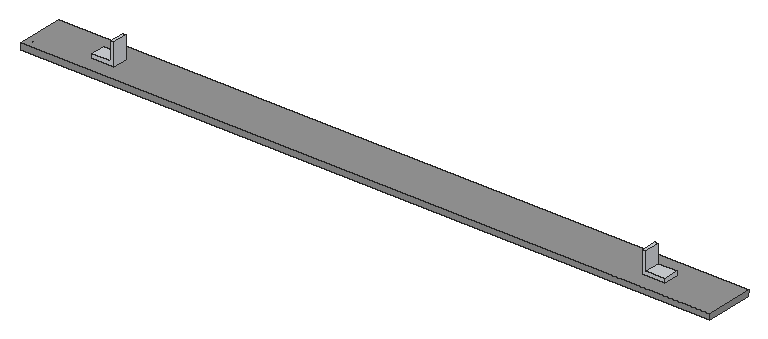
Revit family "Slots AnCar 3", category Lighting Fixtures, Revit 2017
Family settings
  Round Connector Dimension = Use Diameter
  Part Type = Normal
  OmniClass Number = 23.80.70.00
  OmniClass Title = Lighting
  Work Plane-Based = No
  Always vertical = Yes
  Cut with Voids When Loaded = No
  Light Source = Yes
  Shared = No
  Room Calculation Point = No
Parameters (values of type "4ft nominal 3in")
  width = 0' - 3 1/4"
  Wattage = 12.1178 W
  built-in parameter 1150110 = 1 (stored number, unit not read)
  built-in parameter 1114217 = 1 (stored number, unit not read)
  built-in parameter 1150109 = 1 (stored number, unit not read)
  built-in parameter 1150134 = (empty or 0)
  built-in parameter 1150113 = 1 (stored number, unit not read)
  Lumens = 1800 lm
  built-in parameter 1150115 = 1 (stored number, unit not read)
  built-in parameter 1150105 = 572.96 (stored number, unit not read)
  Light Source Symbol Size = width  # 0' - 3 1/4"
  built-in parameter 1150137 = (empty or 0)
  built-in parameter 1150139 = (empty or 0)
  Length = 3' - 11"
  built-in parameter 1150112 = 1 (stored number, unit not read)
  built-in parameter 1150114 = 1 (stored number, unit not read)
  built-in parameter 1150132 = 2
  built-in parameter 1150102 = (empty or 0)
  built-in parameter 1150138 = (empty or 0)
  built-in parameter 1150107 = 3000 (stored number, unit not read)
  built-in parameter 1150106 = 5.7296 (stored number, unit not read)
  Emit from Line Length = Length  # 3' - 11"
  built-in parameter 1150104 = 13.8 (stored number, unit not read)
  Dimming Lamp Color Temperature Shift = <None>
  Color Filter = 16777215
  built-in parameter 1114218 = 1 (stored number, unit not read)
  built-in parameter 1150133 = 10 (stored number, unit not read)
Types (8): name | Length | Emit from Line Length
  (no name) | 3' - 11" | 3' - 11"
  2ft nominal 3in | 1' - 11" | 1' - 11"
  8ft nominal 3in | 7' - 11" | 7' - 11"
  7ft nominal 3in | 6' - 11" | 6' - 11"
  6ft nominal 3in | 5' - 11" | 5' - 11"
  5ft nominal 3in | 4' - 11" | 4' - 11"
  4ft nominal 3in | 3' - 11" | 3' - 11"
  3ft nominal 3in | 2' - 11" | 2' - 11"
Reference planes (in)
  plane 1 "Light Source Axis (F/B)": y = 0
  plane 2: z = 0
  plane 3 "Light Source Axis (L/R)": x = 0
  plane 4 "Light Source Elevation": z = 120
Forms (in)
  Extrusion 1, solid, material "Aluminum"
    sketch origin (0, 0, 0) x (0, 1, 0) y (0, 0, 1)
      loop
        line (-1.625, 120) -> (1.625, 120) -> (1.625, 120.375) -> (-1.625, 120.375) -> (-1.625, 120)
    from -23.5 to 23.5
  Extrusion 2, void
    sketch origin (0, 0, 0) x (0, 1, 0) y (0, 0, 1)
      loop
        line (-1.25, 120) -> (1.25, 120) -> (1.25, 120.3125) -> (-1.25, 120.3125) -> (-1.25, 120)
    from -23.12926 to 23.12926
  Extrusion 3, solid, material "Acrylic"
    sketch origin (0, 0, 0) x (0, 1, 0) y (0, 0, 1)
      loop
        line (-1.25, 120.25) -> (-1.25, 120) -> (1.25, 120) -> (1.25, 120.25) -> (-1.25, 120.25)
    from -23.12926 to 23.12926
  Extrusion 4, solid
    sketch origin (0, 0, 0) x (1, 0, 0) y (0, 0, 1)
      loop
        line (-19.5, 120.375) -> (-18, 120.375) -> (-18, 121.875) -> (-19.5, 121.875) -> (-19.5, 120.375)
    from -0.5 to 0.5
  Extrusion 5, solid
    sketch origin (0, 0, 0) x (-1, 0, 0) y (0, 0, -1)
      loop
        line (-19.5, -120.375) -> (-19.5, -121.875) -> (-18, -121.875) -> (-18, -120.375) -> (-19.5, -120.375)
    from -0.5 to 0.5
  Extrusion 6, void
    sketch origin (0, 0, 0) x (1, 0, 0) y (0, 0, 1)
      loop
        line (-19.5, 121.875) -> (-19.5, 120.625) -> (-18.25, 120.625) -> (-18.25, 121.875) -> (-19.5, 121.875)
      loop
        line (19.5, 121.875) -> (18.25, 121.875) -> (18.25, 120.625) -> (19.5, 120.625) -> (19.5, 121.875)
    from -0.5 to 0.5
Cuts and joins
  Extrusion 2 cuts Extrusion 1
  Extrusion 6 cuts Extrusion 4
  Extrusion 6 cuts Extrusion 5
Dimensions and locks (in)
  locked: Extrusion 1 sketch curve to plane 4 "Light Source Elevation" at 0.375
  "width": Extrusion 1 sketch curve to Extrusion 1 sketch curve
  equal spacing: Extrusion 1 sketch curve, plane 1 "Light Source Axis (F/B)", Extrusion 1 sketch curve
  equal spacing: Extrusion 1, plane 3 "Light Source Axis (L/R)", Extrusion 1
  "Length": Extrusion 1 to Extrusion 1
  equal spacing: Extrusion 2 sketch curve, imposter light, Extrusion 2 sketch curve
  locked: Extrusion 1 to Extrusion 2 sketch curve at 0.375
  locked: Extrusion 2 sketch curve to Extrusion 2 sketch curve at 0.3125
  locked: cut or joined group of Extrusion 1, Extrusion 2 to cut or joined group of Extrusion 1, Extrusion 2 at 0.37074
  equal spacing: cut or joined group of Extrusion 1, Extrusion 2, plane 3 "Light Source Axis (L/R)", cut or joined group of Extrusion 1, Extrusion 2
  locked: Extrusion 3 sketch curve to imposter light at 0.25
  plane 4 "Light Source Elevation" to Extrusion 3 = 0' - 0 1/4"
  locked: Extrusion 4 sketch curve to Extrusion 4 sketch curve at 1.5  (x2)
  locked: cut or joined group of Extrusion 1, Extrusion 2 to Extrusion 4 sketch curve at 5.5
  plane 4 "Light Source Elevation" to Extrusion 4 = 0' - 1 7/8"
  equal spacing: Extrusion 4, plane 1 "Light Source Axis (F/B)", Extrusion 4
  locked: Extrusion 5 sketch curve to Extrusion 5 sketch curve at 1.5  (x2)
  Extrusion 5 to Extrusion 5 = 0' - 1"
  locked: cut or joined group of Extrusion 1, Extrusion 2 to Extrusion 5 at 5.5
  locked: plane 4 "Light Source Elevation" to Extrusion 5 at 1.875
  locked: Extrusion 6 sketch curve to Extrusion 4 at 0.25
  locked: Extrusion 6 sketch curve to cut or joined group of Extrusion 1, Extrusion 2 at 0.25  (x2)
  locked: Extrusion 5 to Extrusion 6 sketch curve at 0.25
  Extrusion 6 to plane 4 "Light Source Elevation" = 0' - 1 7/8"
  aligned and locked: plane 3 "Light Source Axis (L/R)" to imposter light
  aligned and locked: plane 1 "Light Source Axis (F/B)" to imposter light
  aligned and locked: plane 4 "Light Source Elevation" to imposter light
  aligned and locked: level to plane 2
  aligned and locked: plane 4 "Light Source Elevation" to Extrusion 1 sketch curve
  aligned and locked: plane 4 "Light Source Elevation" to Extrusion 2 sketch curve
  aligned and locked: Extrusion 3 sketch curve to cut or joined group of Extrusion 1, Extrusion 2  (x2)
  aligned and locked: cut or joined group of Extrusion 1, Extrusion 2 to Extrusion 3
  aligned and locked: Extrusion 3 to cut or joined group of Extrusion 1, Extrusion 2
  aligned and locked: Extrusion 5 to cut or joined group of Extrusion 1, Extrusion 2
  aligned and locked: Extrusion 6 sketch curve to Extrusion 4
  aligned and locked: Extrusion 4 to Extrusion 6
  aligned and locked: Extrusion 6 to Extrusion 4
Automatic sketch dimensions
  plane 4 "Light Source Elevation" to Extrusion 3 sketch curve = 0' - 0"
  Extrusion 4 sketch curve to plane 4 "Light Source Elevation" = 0' - 0 3/8"
  plane 4 "Light Source Elevation" to Extrusion 5 sketch curve = 0' - 0 3/8"
  Extrusion 5 sketch curve to plane 3 "Light Source Axis (L/R)" = 1' - 7 1/2"
  Extrusion 6 sketch curve to Extrusion 6 sketch curve = 0' - 1 1/4"  (x3)
